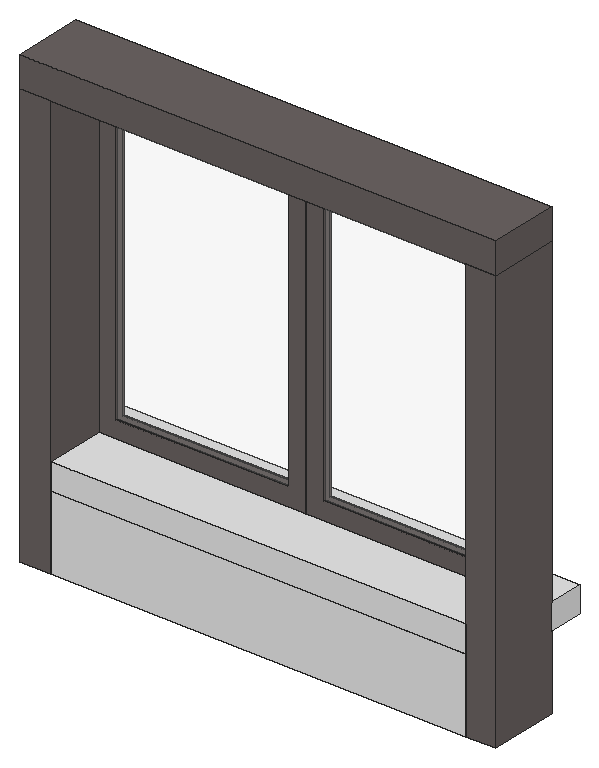
Revit family "Window_Swing_Flush_Ready-Access_FM3X", category Windows, host Wall, Revit 2026
Family settings
  Host = Wall
  Classification Number = 23.30.20.24.14
  Always vertical = Yes
  Cut with Voids When Loaded = No
  Shared = No
  Room Calculation Point = No
Parameters (values of type "18x18 Manual Outward Swing")
  Water Penetration = "as Specified"
  Warranty Duration (Years) = 0
  VLT [instance] = 0
  URL = "http://www.ready-access.com/"
  U-Factor [instance] = 0
  Test Data = ""
  Standards Conformance = "as Specified"
  SpecWizard = ""
  Shelf Finish [instance] = Powdercoat - Ready Access - Clear Anodized
  Service Opening Width = 1' - 6"
  Service Opening Height = 1' - 6"
  RO Spacing_Top [instance] = 0' - 0 1/4"
  RO Spacing_Sides [instance] = 0' - 0 1/4"
  RO Spacing_Bottom [instance] = 0' - 0 1/4"
  Offset from Exterior Wall [instance] = 0' - 0"
  Miami Dade Conformance = "as Specified"
  Meets Egress = "as Specified"
  Installation-Fabrication = ""
  Structural Test Pressure = "as Specified"
  Specification = "http://www.arcat.com/sdspecs/htm04/08_56_19rea.htm"
  Sound Transmission Class (STC) = 0
  Send Message = "http://www.arcat.com/users.pl?action=UserEmail&amp;company=Ready+Access+Pass+Thru+Windows&amp;coid=35105&amp;rep=111&amp;fax=630-876-7767&amp;mf=04"
  Sales Information = "http://www.ready-access.com/aboutus.html"
  SHGC [instance] = 0
  Rough Width [instance] = Width + (RO Spacing_Sides * 2)  # 2' - 3 3/4"
  Rough Height [instance] = Height + (RO Spacing_Top + RO Spacing_Bottom)  # 2' - 2 1/2"
  Product Properties = ""
  Product Data = "http://www.arcat.com/arcatcos/cos35/arc35105.html"
  Model = "FM3X"
  Manufacturer Website = "http://www.ready-access.com/"
  Manufacturer Phone - Toll Free = "800-621-5045"
  Manufacturer Phone = "630-876-7766"
  Manufacturer Fax = "630-876-7767"
  Manufacturer Address = "1815 Arthur Dr.   West Chicago, IL 60185"
  Manufacturer = "Ready Access"
  Maintenance Schedule (Months) = 0
  Keynote = "08582"
  Installation Phase = ""
  Inset from Exterior Wall [instance] = 0' - 0"
  Height = 2' - 2"
  Green Building-LEED = ""
  Glazing Type [instance] = "Tempered"
  Glazing Tint [instance] = Glass - ReadyAccess - Clear
  Glazing Configuration [instance] = "as Specified"
  Frame Thickness = 1' - 2 1/4"  # constant formula
  Frame Finish [instance] = Powdercoat - Ready Access - Bronze
  Forced Entry Rating = "as Specified"
  Expected Lifespan (Years) = 0
  Drawn By = "Sumex Design, Inc. / Robert S. Weygant, CSI, CDT, SCIP"
  Description = "Ready Access Manual Outward Swinging Service Window - FM3X as Specified"
  Wall Closure = By host
  Width = 2' - 3 1/4"
  Copyright = "©Arcat Inc."
  Construction Details = "http://www.arcat.com/details/readyacc/prod1868.html"
  Assembly Code = "B2020100"
  Air Infiltration = "as Specified"
Reference planes (in)
  plane 1 "Center (Front/Back)": y = 0.6426
  plane 2: z = 0
  plane 3 "Center (Left/Right)": x = 0.75
  plane 4 "Left": x = -13.125
  plane 5 "Right": x = 14.625
  plane 6 "RO BOTTOM": z = 23.875
  plane 7 "Top of Frame": z = 50.125
  plane 8 "Center - Elevation": z = 37
  plane 9 "Frame L": x = 14.375
  plane 10 "Frame R": x = -12.875
  plane 11: z = 24.125
  plane 12 "EXT WALL": y = 3.6426
  plane 13 "RO TOP": z = 50.375
  plane 14 "INT WALL": y = -2.3574
  plane 15: y = 3.6426
  plane 16: y = 3.6426
Lines and regions (in)
  Opening 1
    outline origin (-60, -2.3574, 0) x (1, 0, 0) y (0, 0, 1)
      loop
        line (46.875, 50.375) -> (46.875, 23.875) -> (74.625, 23.875) -> (74.625, 50.375) -> (46.875, 50.375)
Text (in)
  text "EXTERIOR" at (-9.91918, 45.39257, 0), in view "Plan View"
  text "INTERIOR" at (-9.91918, -57.25054, 0), in view "Plan View"
  text "Exterior" at (0, 43.65631, 123.19604), in view "Left"
  text "Exterior" at (0, 18.29385, 125.04747), in view "Right"
Dimensions and locks (in)
  equal spacing: plane 4 "Left", plane 3 "Center (Left/Right)", plane 5 "Right"
  "Width": plane 10 "Frame R" to plane 9 "Frame L"
  equal spacing: plane 7 "Top of Frame", plane 8 "Center - Elevation", plane 6 "RO BOTTOM"
  "RO Spacing_Sides": plane 5 "Right" to plane 9 "Frame L"
  "RO Spacing_Sides": plane 4 "Left" to plane 10 "Frame R"
  "RO Spacing_Top": plane 7 "Top of Frame" to plane 13 "RO TOP"
  "RO Spacing_Bottom": plane 6 "RO BOTTOM" to plane 11
  "Height": plane 11 to plane 7 "Top of Frame"
  "Offset from Exterior Wall": plane 12 "EXT WALL" to plane 15
  "Inset from Exterior Wall": plane 15 to plane 16
  aligned and locked: plane 6 "RO BOTTOM" to Opening 1 sketch curve  (x2)
  aligned and locked: plane 5 "Right" to Opening 1 sketch curve
  aligned and locked: plane 4 "Left" to Opening 1 sketch curve
  aligned and locked: level to plane 2
  aligned and locked: plane 1 "Center (Front/Back)" to host wall
  aligned and locked: plane 12 "EXT WALL" to host wall
  aligned and locked: Opening 1 sketch curve to plane 13 "RO TOP"
  aligned and locked: plane 14 "INT WALL" to host wall
  aligned and locked: plane 16 to nested 1
Nested families (in)
  nested 1: "Frame_FM3" at (0.75, 1.6426, 24.125), glass tint <- "Glazing Tint", frame finish <- "Frame Finish", shelf finish <- "Shelf Finish", Height <- "Height", Width <- "Width", type "Frame_FM3"
    with shelf finish Powdercoat - Ready Access - Clear Anodized, glass tint Glass - ReadyAccess - Clear, frame finish Powdercoat - Ready Access - Bronze, Width 2' - 3 1/4", Height 2' - 2", Fixed Window Width 1' - 2 1/2"
Definition of nested family "Frame_FM3"
  Parameters
    shelf finish [instance] = none
    glass tint [instance] = none
    frame finish [instance] = none
    Width [instance] = 2' - 3 3/4"
    Height [instance] = 3' - 5"
    Fixed Window Width [instance] = 1' - 2 1/2"
    Default Elevation = 4' - 0"
    Assembly Code = ""
  Reference planes (in)
    plane 1 "Center (Front/Back)": y = 0
    plane 2: z = 0
    plane 3 "Center (Left/Right)": x = 0
    plane 4: x = -13.875
    plane 5: x = 13.875
    plane 6: z = 41
    plane 7: x = -12.125
    plane 8: x = 12.125
    plane 9: z = 38.5
    plane 10: y = 15.75
    plane 11: x = -13.1875
    plane 12: x = 13.1875
    plane 13: z = 39.25
    plane 14: z = 5.75
    plane 15: z = 38.375
    plane 16: z = 22.125
  Forms (in)
    Extrusion 1, solid, material <- "frame finish"
      sketch origin (0, 0, 0) x (1, 0, 0) y (0, 1, 0)
        loop
          line (-13.875, -2) -> (-12.125, -2) -> (-12.125, 2) -> (-13.875, 2) -> (-13.875, -2)
        loop
          line (13.875, -2) -> (13.875, 2) -> (12.125, 2) -> (12.125, -2) -> (13.875, -2)
      from 0 to 39.25
    Extrusion 2, solid, material <- "glass tint"
      sketch origin (0, 1.21875, 0) x (1, 0, 0) y (0, 1, 0)
        loop
          line (-12, 0.6875) -> (-12, 0.3125) -> (-0.125, 0.3125) -> (-0.125, 0.6875) -> (-12, 0.6875)
        loop
          line (0.125, 0.6875) -> (0.125, 0.3125) -> (12, 0.3125) -> (12, 0.6875) -> (0.125, 0.6875)
      from 5.875 to 38.375
    Extrusion 3, solid, material <- "shelf finish"
      sketch origin (-22.57221, -180, 5.75) x (-1, 0, 0) y (0, -1, 0)
        loop
          line (-8.69721, -182) -> (-10.44721, -182) -> (-10.44721, -178) -> (-34.69721, -178) -> (-34.69721, -182) -> (-36.44721, -182) -> (-36.44721, -184) -> (-8.69721, -184) -> (-8.69721, -182)
      from 0 to -1.5
    Sweep 4, solid, material <- "frame finish"
      path origin (53.5, 0, 0) x (1, 0, 0) y (0, 0, 1)
        loop
          line (-53.5, 5.75) -> (-41.375, 5.75) -> (-41.375, 38.5) -> (-53.5, 38.5) -> (-53.5, 5.75)
      profile origin (6.0625, 0, 5.75) x (0, 0, 1) y (0, -1, 0)
        loop
          line (1, -1.53125) -> (1, -1.4375) -> (0, -1.4375) -> (0, -2) -> (1, -2) -> (1, -1.90625) -> (0.125, -1.90625) -> (0.125, -1.53125) -> (1, -1.53125)
    Sweep 5, solid, material <- "frame finish"
      path origin (-53.5, 0, 0) x (-1, 0, 0) y (0, 0, 1)
        loop
          line (-53.5, 5.75) -> (-41.375, 5.75) -> (-41.375, 38.5) -> (-53.5, 38.5) -> (-53.5, 5.75)
      profile origin (-6.0625, 0, 5.75) x (0, 0, -1) y (0, -1, 0)
        loop
          line (-1, -1.53125) -> (-0.125, -1.53125) -> (-0.125, -1.90625) -> (-1, -1.90625) -> (-1, -2) -> (0, -2) -> (0, -1.4375) -> (-1, -1.4375) -> (-1, -1.53125)
    Extrusion 6, solid, material <- "frame finish"
      sketch origin (-27.64498, -180, 41) x (-1, 0, 0) y (0, -1, 0)
        loop
          line (-13.76998, -178) -> (-41.51998, -178) -> (-41.51998, -182) -> (-13.76998, -182) -> (-13.76998, -178)
      from 0 to -1.75
    Extrusion 7, solid, material <- "shelf finish"
      sketch origin (0, 0, 0) x (1, 0, 0) y (0, 0, 1)
        loop
          line (-12.125, 4.25) -> (-12.125, 0) -> (12.125, 0) -> (12.125, 4.25) -> (-12.125, 4.25)
      from -3.5625 to 2
    Extrusion 8, solid, material <- "frame finish"
      sketch origin (0, 0, 0) x (0, 1, 0) y (0, 0, 1)
        loop
          line (2, 39.25) -> (0.5, 39.25) -> (0.5, 38.5) -> (2, 38.5) -> (2, 39.25)
      from -12.125 to 12.125
  Lines and regions (in)
    model lines
      curve 1: line (0, 2, 38.5) -> (-12.125, 2, 22.125)
      curve 2: line (-12.125, 2, 22.125) -> (0, 2, 5.75)
      curve 3: line (0, 2, 38.5) -> (12.125, 2, 22.125)
      curve 4: line (12.125, 2, 22.125) -> (0, 2, 5.75)
      curve 5: line (0, 1.4375, 38.5) -> (-12.125, 1.4375, 22.125)
      curve 6: line (-12.125, 1.4375, 22.125) -> (0, 1.4375, 5.75)
      curve 7: line (0, 1.4375, 38.5) -> (12.125, 1.4375, 22.125)
      curve 8: line (12.125, 1.4375, 22.125) -> (0, 1.4375, 5.75)
  Dimensions and locks (in)
    equal spacing: plane 4, plane 3 "Center (Left/Right)", plane 5
    "Width": plane 4 to plane 5
    "Height": plane 6 to level
    locked: plane 4 to Extrusion 1 sketch curve at 1.75
    locked: Extrusion 1 sketch curve to plane 5 at 1.75
    locked: plane 4 to plane 7 at 1.75
    locked: plane 8 to plane 5 at 1.75
    Extrusion 2 sketch curve to plane 3 "Center (Left/Right)" = 0' - 0 1/8"
    plane 3 "Center (Left/Right)" to Extrusion 2 sketch curve = 0' - 0 1/8"
    locked: plane 1 "Center (Front/Back)" to plane 10 at 15.75
    locked: plane 11 to plane 4 at 0.6875
    locked: plane 5 to plane 12 at 0.6875
    locked: plane 6 to plane 13 at 1.75
    locked: plane 9 to plane 13 at 0.75
    locked: plane 14 to level at 5.75
    locked: plane 14 to Extrusion 7 sketch curve at 1.5
    locked: Extrusion 8 sketch curve to plane 13 at 0.75
    locked: plane 9 to plane 15 at 0.125
    equal spacing: plane 9, plane 16, plane 14
    locked: plane 7 to Extrusion 2 sketch curve at 0.125
    locked: Extrusion 2 sketch curve to plane 8 at 0.125
    aligned and locked: plane 2 to level
    aligned and locked: plane 4 to Extrusion 1 sketch curve
    aligned and locked: plane 5 to Extrusion 1 sketch curve
    aligned: plane 6 to Extrusion 1
    aligned and locked: Extrusion 3 sketch curve to plane 4
    aligned and locked: plane 7 to Extrusion 3 sketch curve
    aligned and locked: Extrusion 3 sketch curve to plane 8
    aligned and locked: plane 5 to Extrusion 3 sketch curve
    aligned and locked: Extrusion 1 to plane 13
    aligned: Extrusion 3 to level
    aligned and locked: plane 14 to Extrusion 3
    aligned and locked: Extrusion 8 sketch curve to plane 13
    aligned and locked: Extrusion 2 to plane 15
    aligned and locked: Sweep 4 sketch curve to plane 14
    aligned and locked: plane 14 to Sweep 5 sketch curve
    aligned and locked: plane 7 to curve 5
    aligned and locked: plane 16 to curve 5
    aligned and locked: plane 16 to curve 1
    aligned and locked: plane 7 to curve 1
    aligned and locked: plane 16 to curve 3
    aligned and locked: plane 16 to curve 8
    aligned and locked: plane 8 to curve 8
    aligned and locked: plane 8 to curve 4
    aligned and locked: plane 7 to Extrusion 8
    aligned and locked: Extrusion 8 to plane 8
    aligned and locked: Sweep 5 sketch curve to plane 7
    aligned and locked: Sweep 4 sketch curve to plane 8
  Automatic sketch dimensions
    plane 1 "Center (Front/Back)" to Extrusion 1 sketch curve = 0' - 2"  (x2)
    Extrusion 1 sketch curve to plane 1 "Center (Front/Back)" = 0' - 2"  (x2)
    profile plane to Sweep 4 sketch curve = 0' - 0"
    Sweep 4 sketch curve to profile plane = 0' - 0 1/8"
    Sweep 4 sketch curve to Sweep 4 sketch curve = 0' - 0 7/8"
    Sweep 4 sketch curve to Sweep 4 sketch curve = 0' - 0"
    Sweep 4 sketch curve to plane 1 "Center (Front/Back)" = 0' - 2"
    Sweep 4 sketch curve to Sweep 4 sketch curve = 0' - 0 3/32"  (x2)
    Sweep 4 sketch curve to Sweep 4 sketch curve = 0' - 0 3/8"
    Sweep 5 sketch curve to profile plane = 0' - 0"
    profile plane to Sweep 5 sketch curve = 0' - 0 1/8"
    Sweep 5 sketch curve to Sweep 5 sketch curve = 0' - 0 7/8"
    Sweep 5 sketch curve to Sweep 5 sketch curve = 0' - 0"
    Sweep 5 sketch curve to plane 1 "Center (Front/Back)" = 0' - 2"
    Sweep 5 sketch curve to Sweep 5 sketch curve = 0' - 0 3/32"  (x2)
    Sweep 5 sketch curve to Sweep 5 sketch curve = 0' - 0 3/8"
    plane 1 "Center (Front/Back)" to Extrusion 6 sketch curve = 0' - 2"
    Extrusion 6 sketch curve to plane 5 = 0' - 0"
    Extrusion 6 sketch curve to plane 4 = 0' - 0"
    Extrusion 6 sketch curve to plane 10 = 1' - 1 3/4"
    Extrusion 3 sketch curve to plane 1 "Center (Front/Back)" = 0' - 2"  (x2)
    Extrusion 3 sketch curve to Extrusion 3 sketch curve = 0' - 2"
    Extrusion 7 sketch curve to level = 0' - 0"
    plane 7 to Extrusion 7 sketch curve = 0' - 0"
    plane 8 to Extrusion 7 sketch curve = 0' - 0"
    plane 1 "Center (Front/Back)" to Extrusion 3 sketch curve = 0' - 2"
    Extrusion 8 sketch curve to plane 1 "Center (Front/Back)" = 0' - 0 1/2"
    Extrusion 8 sketch curve to Extrusion 8 sketch curve = 0' - 1 1/2"
    curve 6 to Sweep 5 = 0' - 0"
    Sweep 5 to curve 6 = 0' - 0"
    curve 7 to Sweep 5 = 0' - 0"  (x2)
    curve 2 to Sweep 4 = 0' - 0"  (x2)
    curve 3 to Sweep 4 = 0' - 0"  (x2)
    Sweep 5 sketch curve to plane 3 "Center (Left/Right)" = 0' - 0"
    Sweep 5 sketch curve to plane 9 = 0' - 0"
    Sweep 4 sketch curve to plane 3 "Center (Left/Right)" = 0' - 0"
    Sweep 4 sketch curve to plane 9 = 0' - 0"
    Extrusion 2 sketch curve to plane 1 "Center (Front/Back)" = 0' - 1 17/32"  (x2)
    Extrusion 2 sketch curve to Extrusion 2 sketch curve = 0' - 0 3/8"  (x2)
